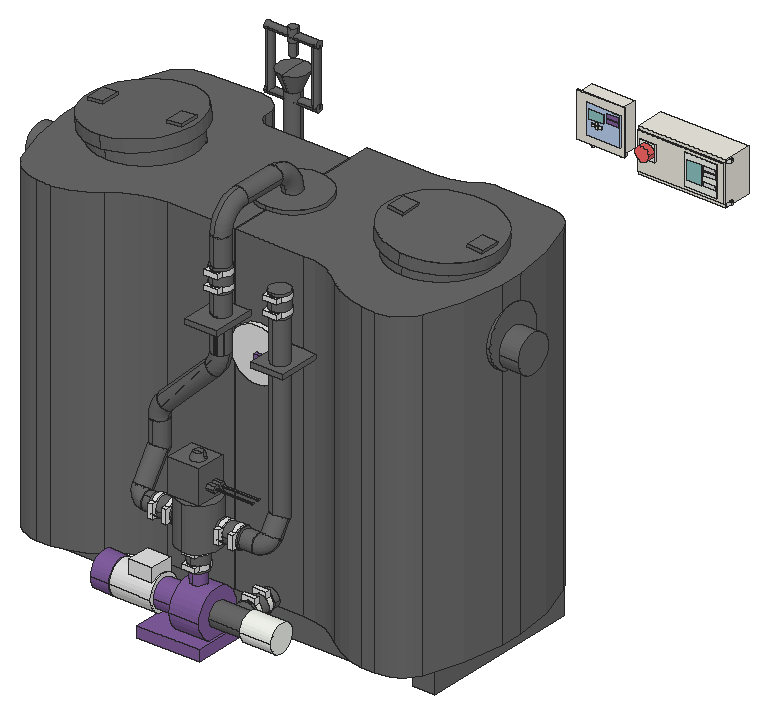
Revit family "93007.02_pvs 0", category Generic Models, Revit 2021 (continued)
Definition of nested family "93007.02_pvs 0_part3_X0Y0"
  Definition of nested family "93007.02_pvs 0_part3_content"
    Forms (mm)
      Extrusion 34, solid, detail levels medium+fine
        sketch origin (-239.211, -391, 799.711) x (0.5, 0.707107, -0.5) y (-0.5, 0.707107, 0.5)
          loop
            circle (0, 0) r 37.5
        from 0 to 297
      Revolve 35, solid, detail levels medium+fine
        sketch origin (-29.2, -391, 1009.721) x (-0.707107, 0, 0.707107) y (0, -1, 0)
          loop
            circle (0, 0) r 37.5
          axis (100, 0) -> (100, -1)
        angle from -45 to 0
      Extrusion 36, solid, detail levels medium+fine
        sketch origin (359, -502, 1160) x (0, 1, 0) y (0, 0, -1)
          loop
            line (187, 20.5) -> (187, 0) -> (374, 0) -> (374, 20.5) -> (187, 20.5)
        from 0 to 500
      Extrusion 37, solid, detail levels medium+fine
        sketch origin (115, -315, 1081) x (1, 0, 0) y (0, 0, 1)
          loop
            circle (0, 0) r 114
        from 0 to 25
      Extrusion 38, solid, detail levels medium+fine
        sketch origin (235, -340, 1069.25) x (0, -1, 0) y (0, 0, 1)
          loop
            line (0, 23.5) -> (0, 0) -> (15, 0) -> (15, 23.5) -> (0, 23.5)
        from 0 to 120
      Extrusion 39, solid, detail levels medium+fine
        sketch origin (359, -502, 1160) x (0, 1, 0) y (0, 0, -1)
          loop
            line (0, 20.5) -> (0, 0) -> (187, 0) -> (187, 20.5) -> (0, 20.5)
        from 0 to 138
      Extrusion 40, solid, detail levels medium+fine
        sketch origin (290, -432.5, 553) x (0, 1, 0) y (-1, 0, 0)
          loop
            circle (0, 0) r 37.5
        from 0 to 789
      Extrusion 41, solid, detail levels medium+fine
        sketch origin (290, -432.5, 1342) x (0, 1, 0) y (-1, 0, 0)
          loop
            circle (0, 0) r 42
        from 0 to 100
      Extrusion 42, solid, detail levels medium+fine
        sketch origin (290, -432.5, 1352) x (0, 1, 0) y (-1, 0, 0)
          loop
            circle (0, 0) r 45
        from 0 to 20
      Extrusion 43, solid, detail levels medium+fine
        sketch origin (290, -432.5, 1412) x (0, 1, 0) y (-1, 0, 0)
          loop
            circle (0, 0) r 45
        from 0 to 20
      Extrusion 44, solid, detail levels medium+fine
        sketch origin (260, -463.5, 1372) x (0, 0, -1) y (1, 0, 0)
          loop
            line (0, 60) -> (0, 0) -> (20, 0) -> (20, 60) -> (0, 60)
        from 0 to 25
      Extrusion 45, solid, detail levels medium+fine
        sketch origin (260, -463.5, 1432) x (0, 0, -1) y (1, 0, 0)
          loop
            line (0, 60) -> (0, 0) -> (20, 0) -> (20, 60) -> (0, 60)
        from 0 to 25
      Extrusion 46, solid, detail levels medium+fine
        sketch origin (8.34, 0, 113) x (0, 1, 0) y (-1, 0, 0)
          loop
            arc (-471.76, -729.79) -> (-448.276, -811.015) -> (-385.82, -868.01) r 155.787
            arc (-385.82, -868.01) -> (-221.541, -923.057) -> (-50.04, -947.66) r 959.405
            line (-50.04, -947.66) -> (49.96, -947.66)
            arc (49.96, -947.66) -> (221.865, -922.96) -> (386.5, -867.67) r 959.24
            arc (386.5, -867.67) -> (446.13, -814.948) -> (470.39, -739.14) r 149.993
            line (470.39, -739.14) -> (478.02, -511.19)
            arc (478.02, -511.19) -> (475.1, -484.299) -> (465.09, -459.17) r 100.14
            arc (465.09, -459.17) -> (421.394, -373.517) -> (405, -278.77) r 321.294
            line (405, -278.77) -> (405, 8.34) -> (-315, 8.34) -> (-315, -288.534)
            arc (-315, -288.534) -> (-336.062, -398.964) -> (-396.29, -493.89) r 300.032
            arc (-396.29, -493.89) -> (-447.086, -576.236) -> (-471.76, -669.79) r 329.328
            line (-471.76, -669.79) -> (-471.76, -729.79)
        from 0 to 1410
      Extrusion 47, solid, detail levels medium+fine
        sketch origin (-349.5, 314.99, 1244.2) x (0, 1, 0) y (0, 0, 1)
          loop
            line (0, 29.3) -> (0, 0) -> (110, 0) -> (110, 29.3) -> (0, 29.3)
        from 0 to 88
      Extrusion 48, solid, detail levels medium+fine
        sketch origin (-306, 386, 1128) x (1, 0, 0) y (0, 1, 0)
          loop
            circle (0, 0) r 31.5
        from 0 to 526.6
      Revolve 49, solid, detail levels medium+fine
        sketch origin (-111, 386, 1128) x (0, 1, 0) y (-1, 0, 0)
          loop
            circle (0, 0) r 31.5
          axis (0, 97.5) -> (-1, 97.5)
        angle from 0 to 180
      Extrusion 50, solid, detail levels medium+fine
        sketch origin (-111, 386, 1213.5) x (0, -1, 0) y (-1, 0, 0)
          loop
            circle (0, 0) r 31.5
        from 0 to 85.5
      Extrusion 51, solid, detail levels medium+fine
        sketch origin (-420.945, 385.499, 1619.316) x (0, 1, 0) y (0, 0, 1)
          loop
            circle (0, 0) r 15
        from 0 to 230
      Extrusion 52, solid, detail levels medium+fine
        sketch origin (-205.945, 385.499, 1868.316) x (1, 0, 0) y (0, -1, 0)
          loop
            circle (0, 0) r 15
        from 0 to 249
      Extrusion 53, solid, detail levels medium+fine
        sketch origin (-420.945, 385.499, 1619.316) x (0, 1, 0) y (0, 0, 1)
          loop
            circle (0, 249) r 15
        from 0 to 230
      Extrusion 54, solid, detail levels medium+fine
        sketch origin (-306, 386, 1845.9) x (1, 0, 0) y (0, 1, 0)
          loop
            circle (0, 0) r 19.25
        from 0 to 52
      Extrusion 55, solid, detail levels medium+fine
        sketch origin (-306, 386, 1787.9) x (1, 0, 0) y (0, 1, 0)
          loop
            circle (0, 0) r 14
        from 0 to 58
      Extrusion 56, solid, detail levels medium+fine
        sketch origin (-406.056, 385.499, 1868.316) x (1, 0, 0) y (0, -1, 0)
          loop
            circle (0, 0) r 15
        from 0 to 249
      Revolve 57, solid, detail levels medium+fine
        sketch origin (-306, 386, 1654.6) x (0, 0, 1) y (0, 1, 0)
          loop
            line (0, 0) -> (81, 0) -> (81, 65) -> (0, 31) -> (0, 0)
          axis (81, 0) -> (0, 0)
        angle from -360 to 0
      Extrusion 58, solid, detail levels medium+fine
        sketch origin (-10.5, -39.5, 113) x (1, 0, 0) y (0, 1, 0)
          loop
            line (-439.233, 490.866) -> (-401.23, 444.65) -> (-398.98, 401.88)
            arc (-398.98, 401.88) -> (-390.995, 360.34) -> (-349.1, 354.5) r 36.34
            line (-349.1, 354.5) -> (12.5, 354.349) -> (12.5, 444.5) -> (-278.77, 444.5)
            arc (-278.77, 444.5) -> (-362.02, 457.236) -> (-439.233, 490.866) r 326.113
        from 0 to 703
      Extrusion 59, solid, detail levels medium+fine
        sketch origin (-418.5, -305.5, 0) x (0, 1, 0) y (0, 0, 1)
          loop
            line (0, 113) -> (0, 0) -> (700, 0) -> (700, 113) -> (0, 113)
        from 0 to 990
      Extrusion 60, solid, detail levels medium+fine
        sketch origin (626.473, 0, 1292.371) x (0, 1, 0) y (-0.996195, 0, 0.087156)
          loop
            circle (0, 0) r 211
        from 0 to 282
      Extrusion 61, solid, detail levels medium+fine
        sketch origin (651.007, 0, 1572.8) x (0, 1, 0) y (-0.996195, 0, 0.087156)
          loop
            circle (0, 0) r 233
        from 0 to 51
      Extrusion 62, solid, detail levels medium+fine
        sketch origin (516.072, 41, 1635.799) x (0, -1, 0) y (0.087156, 0, 0.996195)
          loop
            line (0, 12) -> (0, 0) -> (82, 0) -> (82, 12) -> (0, 12)
        from 0 to 66
      Extrusion 63, solid, detail levels medium+fine
        sketch origin (795.006, -41, 1611.396) x (0, 1, 0) y (0.087156, 0, 0.996195)
          loop
            line (0, 12) -> (0, 0) -> (82, 0) -> (82, 12) -> (0, 12)
        from 0 to 66
      Extrusion 64, solid, detail levels medium+fine
        sketch origin (-626.473, 0, 1292.371) x (0, -1, 0) y (0.996195, 0, 0.087156)
          loop
            circle (0, 0) r 211
        from 0 to 282
      Extrusion 65, solid, detail levels medium+fine
        sketch origin (-651.007, 0, 1572.8) x (0, -1, 0) y (0.996195, 0, 0.087156)
          loop
            circle (0, 0) r 233
        from 0 to 51
      Extrusion 66, solid, detail levels medium+fine
        sketch origin (-516.072, -41, 1635.799) x (0, 1, 0) y (-0.087156, 0, 0.996195)
          loop
            line (0, 12) -> (0, 0) -> (82, 0) -> (82, 12) -> (0, 12)
        from 0 to 66
      Extrusion 67, solid, detail levels medium+fine
        sketch origin (-795.006, 40.993, 1611.396) x (0, -1, 0) y (-0.087156, 0, 0.996195)
          loop
            line (0, 12) -> (0, 0) -> (82, 0) -> (82, 12) -> (0, 12)
        from 0 to 66
      Extrusion 68, solid, detail levels medium+fine
        sketch origin (-111, 326, 1273.5) x (0, 0, -1) y (1, 0, 0)
          loop
            circle (0, 0) r 31.5
        from 0 to 11.1
      Revolve 69, solid, detail levels medium+fine
        sketch origin (-111, 326, 1273.5) x (0, 0, -1) y (-1, 0, 0)
          loop
            circle (0, 0) r 31.5
          axis (60, 0) -> (60, -1)
        angle from -90 to 0
      Extrusion 70, solid, detail levels medium+fine
        sketch origin (-931.79, 0, 1293) x (0, -1, 0) y (0, 0, 1)
          loop
            circle (0, 0) r 126.5
        from 0 to 34
      Extrusion 71, solid, detail levels medium+fine
        sketch origin (-965.79, 0, 1336) x (0, -1, 0) y (0, 0, 1)
          loop
            circle (0, 0) r 80
        from 0 to 137.5
      Extrusion 72, solid, detail levels medium+fine
        sketch origin (931.89, 0, 1305) x (0, 1, 0) y (0, 0, 1)
          loop
            circle (0, 0) r 126.5
        from 0 to 31
      Extrusion 73, solid, detail levels medium+fine
        sketch origin (962.88, 0, 1265) x (0, 1, 0) y (0, 0, 1)
          loop
            circle (0, 0) r 80
        from 0 to 87.5
      Extrusion 74, solid, detail levels medium+fine
        sketch origin (0, -391, 1080.641) x (0, 1, 0) y (-1, 0, 0)
          loop
            circle (0, 0) r 37.5
        from 0 to 458.76
      Extrusion 75, solid, detail levels medium+fine
        sketch origin (0, -391, 1331.5) x (0, 1, 0) y (-1, 0, 0)
          loop
            circle (0, 0) r 45
        from 0 to 20
      Extrusion 76, solid, detail levels medium+fine
        sketch origin (0, -391, 1321.5) x (0, 1, 0) y (-1, 0, 0)
          loop
            circle (0, 0) r 42
        from 0 to 100
      Extrusion 77, solid, detail levels medium+fine
        sketch origin (0, -391, 1391.5) x (0, 1, 0) y (-1, 0, 0)
          loop
            circle (0, 0) r 45
        from 0 to 20
      Extrusion 78, solid, detail levels medium+fine
        sketch origin (-30, -422, 1351.5) x (0, 0, -1) y (1, 0, 0)
          loop
            line (0, 60) -> (0, 0) -> (20, 0) -> (20, 60) -> (0, 60)
        from 0 to 25
      Extrusion 79, solid, detail levels medium+fine
        sketch origin (-30, -422, 1411.5) x (0, 0, -1) y (1, 0, 0)
          loop
            line (0, 60) -> (0, 0) -> (20, 0) -> (20, 60) -> (0, 60)
        from 0 to 25
      Revolve 80, solid, detail levels medium+fine
        sketch origin (0, -391, 1539) x (0, 1, 0) y (-1, 0, 0)
          loop
            circle (0, 0) r 37.5
          axis (100, 0) -> (100, -1)
        angle from -90 to 0
      Extrusion 81, solid, detail levels medium+fine
        sketch origin (154.75, -355.5, 135) x (0, 0, -1) y (1, 0, 0)
          loop
            circle (0, 0) r 2
        from -50 to 0
      Extrusion 82, solid, detail levels medium+fine
        sketch origin (154.75, -355.5, 135) x (0, 0, -1) y (1, 0, 0)
          loop
            circle (0, 0) r 45
        from 0 to 20
      Extrusion 83, solid, detail levels medium+fine
        sketch origin (184.75, -375.5, 166) x (0, 1, 0) y (-1, 0, 0)
          loop
            line (0, 60) -> (0, 0) -> (20, 0) -> (20, 60) -> (0, 60)
        from 0 to 25
      Extrusion 84, solid, detail levels medium+fine
        sketch origin (154.75, -345.5, 135) x (0, 0, -1) y (1, 0, 0)
          loop
            circle (0, 0) r 42
        from 0 to 100
      Extrusion 85, solid, detail levels medium+fine
        sketch origin (154.75, -514, 135) x (-1, 0, 0) y (0, 0, 1)
          loop
            circle (0, 0) r 40
        from 0 to 199
      Extrusion 86, solid, detail levels medium+fine
        sketch origin (154.75, -415.5, 135) x (0, 0, -1) y (1, 0, 0)
          loop
            circle (0, 0) r 45
        from 0 to 20
      Extrusion 87, solid, detail levels medium+fine
        sketch origin (184.75, -435.5, 166) x (0, 1, 0) y (-1, 0, 0)
          loop
            line (0, 60) -> (0, 0) -> (20, 0) -> (20, 60) -> (0, 60)
        from 0 to 25
      Extrusion 88, solid, detail levels medium+fine
        sketch origin (82.5, -514, 135) x (0, 1, 0) y (0, 0, 1)
          loop
            circle (0, 0) r 50
        from 0 to 144.5
      Extrusion 89, solid, detail levels medium+fine
        sketch origin (-47, -514, 135) x (0, 1, 0) y (0, 0, 1)
          loop
            circle (0, 0) r 101
        from 0 to 129.5
      Extrusion 90, solid, detail levels medium+fine
        sketch origin (0, -514, 284) x (-1, 0, 0) y (0, 1, 0)
          loop
            circle (0, 0) r 31.5
        from 0 to 149
      Extrusion 91, solid, detail levels medium+fine
        sketch origin (-152, -514, 135) x (0, 1, 0) y (0, 0, 1)
          loop
            circle (0, 0) r 60
        from 0 to 105
      Extrusion 92, solid, detail levels medium+fine
        sketch origin (97.5, -400, 0) x (0, -1, 0) y (0, 0, 1)
          loop
            line (0, 48) -> (0, 0) -> (230, 0) -> (230, 48) -> (0, 48)
        from 0 to 272
      Extrusion 93, solid, detail levels medium+fine
        sketch origin (0, -514, 284) x (0, 1, 0) y (-1, 0, 0)
          loop
            circle (0, 0) r 42
        from 0 to 100
      Extrusion 94, solid, detail levels medium+fine
        sketch origin (0, -514, 294) x (0, 1, 0) y (-1, 0, 0)
          loop
            circle (0, 0) r 45
        from 0 to 20
      Extrusion 95, solid, detail levels medium+fine
        sketch origin (0, -514, 354) x (0, 1, 0) y (-1, 0, 0)
          loop
            circle (0, 0) r 45
        from 0 to 20
      Extrusion 96, solid, detail levels medium+fine
        sketch origin (-30, -545, 314) x (0, 0, -1) y (1, 0, 0)
          loop
            line (0, 60) -> (0, 0) -> (20, 0) -> (20, 60) -> (0, 60)
        from 0 to 25
      Extrusion 97, solid, detail levels medium+fine
        sketch origin (-30, -545, 374) x (0, 0, -1) y (1, 0, 0)
          loop
            line (0, 60) -> (0, 0) -> (20, 0) -> (20, 60) -> (0, 60)
        from 0 to 25
      Extrusion 98, solid, detail levels medium+fine
        sketch origin (227, -514, 135) x (0, 1, 0) y (0, 0, 1)
          loop
            circle (0, 0) r 58.5
        from 0 to 135.5
      Extrusion 99, solid, detail levels medium+fine
        sketch origin (-333, -514, 135) x (0, 1, 0) y (0, 0, 1)
          loop
            circle (0, 0) r 73.5
        from 0 to 181
      Extrusion 100, solid, detail levels medium+fine
        sketch origin (-262, -564.5, 188.4) x (0, 1, 0) y (0, 0, 1)
          loop
            line (0, 60) -> (0, 0) -> (100, 0) -> (100, 60) -> (0, 60)
        from 0 to 100
      Extrusion 101, solid, detail levels medium+fine
        sketch origin (-413, -514, 135) x (0, 1, 0) y (0, 0, 1)
          loop
            circle (0, 0) r 73.5
        from 0 to 80
      Extrusion 102, solid, detail levels medium+fine
        sketch origin (771.5, -305.5, 0) x (0, 1, 0) y (0, 0, 1)
          loop
            line (0, 113) -> (0, 0) -> (700, 0) -> (700, 113) -> (0, 113)
        from 0 to 96
      Extrusion 103, solid, detail levels medium+fine
        sketch origin (0, 0, 1523) x (0, 1, 0) y (-1, 0, 0)
          loop
            circle (0, 0) r 148.5
        from 0 to 16.03
      Revolve 104, solid, detail levels medium+fine
        sketch origin (0, -0.5, 1539) x (0, -1, 0) y (1, 0, 0)
          loop
            circle (0, 0) r 37.5
          axis (100, 0) -> (100, -1)
        angle from -90 to 0
      Extrusion 105, solid, detail levels medium+fine
        sketch origin (0, -291, 1639) x (-1, 0, 0) y (0, 0, 1)
          loop
            circle (0, 0) r 37.5
        from 0 to 190.5
      Extrusion 106, solid, detail levels coarse
        sketch origin (-26.455, -75.971, 0) x (1, 0, 0) y (0, 1, 0)
          loop
            line (-1076.835, -554.029) -> (1076.835, -554.029) -> (1076.835, 554.029) -> (-1076.835, 554.029) -> (-1076.835, -554.029)
        from 0 to 1897.9
    Dimensions and locks
      aligned and locked: level to plane 2
